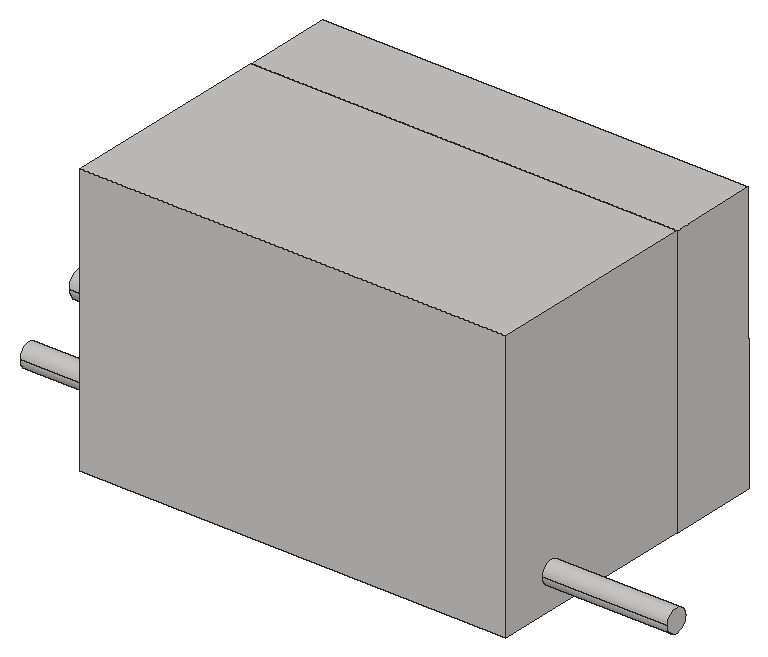
Revit family "Changeover_Box-VRF-JCI-208_230V", category Mechanical Equipment, Revit 2013
Parameters (values of type "COBS048B21S - 208V /1PH 60Hz")
  Width = 0' - 11 27/32"  # constant formula
  Voltage = 208 V
  URL = "http://www.johnsoncontrols.com"
  Total Heating Capacity = 48000.0 Btu/h
  Total Cooling Capacity = 48000.0 Btu/h
  Show Electrical Box Front [instance] = no
  Show Electrical Box Back [instance] = not(Show Electrical Box Front)  # yes
  Show Clearance [instance] = no
  Refrigerant Used = "R410A"  # constant formula
  Product Page URL = "http://www.johnsoncontrols.com/content/us/en/products/building_efficiency/products-and-systems/integrated_hvac_systems/Industrial___Commercial_HVAC_Equipment/Variable_Refrigerant_Flow_Systems_.html"
  Product Documentation Link = "http://www.johnsoncontrols.com/content/dam/WWW/jci/be/integrated_hvac_systems/hvac_equipment/variable_refrigerant/Catalog%202015%20VRF%20catalog_012115_D_FNL.pdf"
  Power Factor = 1
  Net Weight = 15.00 lbf  # constant formula
  Model = "COBS048B21S"
  Minimum Circuit Ampacity = 0.1 A
  Manufacturer = "Johnson Controls Inc."  # constant formula
  Gas Low_High Line Radius = Gas High Pressure Connection Diameter / 2  # 0' - 0 5/16"
  Gas Low Pressure Connection Diameter = 0' 0 3/4"  # 3/4"
  Gas Low Line Radius = Gas Low Pressure Connection Diameter / 2  # 0' - 0 3/8"
  Height = 0' - 7 17/32"  # constant formula
  Gas Line Radius = Gas Connection Diameter / 2  # 0' - 0 5/16"
  Gas High Pressure Connection Diameter = 0' 0 5/8"  # 5/8"
  Gas Connection Diameter = 5/8"
  Full Load Amps = 0 A
  Frequency = 60 Hz  # constant formula
  Frame Finish = Metal - JCI - Steel - Galvanized - 18ga
  Description = "Cooling/Heating Changover Box"  # constant formula
  Depth = 0' - 8 7/16"  # constant formula
  Copyright © = "2015 Johnson Controls Inc."  # constant formula
  Clearance Offset Top [instance] = 0' - 2 3/4"
  Clearance Offset Right [instance] = 0' - 11 13/16"
  Clearance Offset Left [instance] = 0' - 11 13/16"
  Clearance Offset Front [instance] = if(Show Electrical Box Front, 0' 11 13/16", 0' 2 3/4")  # 0' - 2 3/4"
  Clearance Offset Bottom [instance] = 0' - 2 3/4"
  Clearance Offset Back [instance] = if(Show Electrical Box Back, 0' 11 13/16", 0' 2 3/4")  # 0' - 11 13/16"
  CTRL Refrigerant Pipe Length [instance] = 0' - 3 1/2"
  CTRL Electrical Box Inset [instance] = if(Show Electrical Box Front, Depth, 0' 2 15/32")  # 0' - 2 15/32"
  CTRL Box Inset [instance] = if(Show Electrical Box Back, Depth, 0' 5 15/16")  # 0' - 8 7/16"
  Apparent Load = 0 VA
Types (5): name | Voltage | Total Heating Capacity | Total Cooling Capacity | Model | Gas Line Radius | Gas Connection Diameter | Clearance Offset Right | Clearance Offset Left
  (no name) | 208 V | 48000.0 Btu/h | 48000.0 Btu/h | "COBS048B21S" | 0' - 0 5/16" | 5/8" | 0' - 11 13/16" | 0' - 11 13/16"
  COBS048B21S - 208V /1PH 60Hz | 208 V | 48000.0 Btu/h | 48000.0 Btu/h | "COBS048B21S" | 0' - 0 5/16" | 5/8" | 0' - 11 13/16" | 0' - 11 13/16"
  COBS048B21S - 230V /1PH 60Hz | 230 V | 48000.0 Btu/h | 48000.0 Btu/h | "COBS048B21S" | 0' - 0 5/16" | 5/8" | 0' - 11 13/16" | 0' - 11 13/16"
  COBS096B21S - 208V /1PH 60Hz | 208 V | 96000.0 Btu/h | 96000.0 Btu/h | "COBS096B21S" | 0' - 0 3/8" | 3/4" | 1' - 3 3/4" | 1' - 3 3/4"
  COBS096B21S - 230V /1PH 60Hz | 230 V | 96000.0 Btu/h | 96000.0 Btu/h | "COBS096B21S" | 0' - 0 3/8" | 3/4" | 1' - 3 3/4" | 1' - 3 3/4"
Reference planes (in)
  plane 1 "Center (Front/Back)": y = 0
  plane 2: z = 0
  plane 3 "Center (Left/Right)": x = 0
  plane 4 "Back": y = 4.21875
  plane 5 "Front": y = -4.21875
  plane 6 "Left": x = -5.92187
  plane 7 "Right": x = 5.92188
  plane 8 "Bottom": z = 25.64456
  plane 9 "Top": z = 33.17581
  plane 10 "Clearance Offset Back": y = 16.03125
  plane 11 "Clearance Offset Front": y = -6.96875
  plane 12 "Clearance Offset Right": x = 17.73438
  plane 13 "Clearance Offset Left": x = -17.73437
  plane 14 "Clearance Offset Top": z = 35.92581
  plane 15 "Clearance Offset Bottom": z = 22.89456
  plane 16 "Electric Box Back": y = 4.21875
  plane 17 "Electric Box Front": y = 1.75
  plane 18 "Box Back": y = 1.71875
  plane 19 "Box Front": y = -4.21875
  plane 20 "Refrigerant Conncetion F/B": y = -2.65625
  plane 21 "Gas High/Low Pressure F/B": y = -1.96875
  plane 22 "Gas Low Pressure F/B": y = 0.15625
  plane 23 "Gas High/Low Pressure L": x = -9.14062
  plane 24 "Gas Low Pressure L": x = -9.42187
  plane 25 "Refrigerant Right": x = 9.42188
  plane 26 "Gas High/Low Pressure T/B": z = 26.42581
  plane 27 "Gas Low Pressure T/B": z = 27.17581
  plane 28: z = 28.89456
  plane 29 "Refrigerant Connection": z = 26.61331
Forms (in)
  Extrusion 1, solid, material "Clearance", visible <- "Show Clearance"
    sketch origin (0.66404, -0.08612, 0) x (-1, 0, 0) y (0, -1, 0)
      loop
        line (18.39842, -16.11737) -> (18.39842, 6.88263) -> (-17.07033, 6.88263) -> (-17.07033, -16.11737) -> (18.39842, -16.11737)
    from 22.89456 to 35.92581
  Extrusion 2, solid, material "Metal - JCI - Steel - Galvanized - 18ga" <- "Frame Finish"
    sketch origin (0, 0, 0) x (1, 0, 0) y (0, 0, 1)
      loop
        line (-5.92188, 33.17581) -> (-5.92188, 25.64456) -> (5.92188, 25.64456) -> (5.92188, 33.17581) -> (-5.92188, 33.17581)
    from -1.71875 to 4.21875
  Extrusion 3, solid, material "Metal - JCI - Steel - Galvanized - 18ga" <- "Frame Finish"
    sketch origin (2.25, 0, 0) x (1, 0, 0) y (0, 0, 1)
      loop
        line (-8.17188, 33.17581) -> (-8.17188, 25.64456) -> (3.67188, 25.64456) -> (3.67188, 33.17581) -> (-8.17188, 33.17581)
    from -4.21875 to -1.75
  Sweep 4, solid, material "Metal - JCI - Steel - Galvanized - 18ga" <- "Frame Finish"
    path origin (0, 0, 26.61331) x (-1, 0, 0) y (0, -1, 0)
      loop
        line (-5.92188, 2.65625) -> (-9.42188, 2.65625)
    profile origin (7.67188, -2.65625, 26.61331) x (0, 1, 0) y (0, 0, 1)
      loop
        circle (0, 0) r 0.3125
  Sweep 5, solid, material "Metal - JCI - Steel - Galvanized - 18ga" <- "Frame Finish"
    path origin (0, 0, 26.42581) x (-1, 0, 0) y (0, -1, 0)
      loop
        line (5.92188, 1.96875) -> (9.14063, 1.96875)
    profile origin (-7.53125, -1.96875, 26.42581) x (0, -1, 0) y (0, 0, 1)
      loop
        circle (0, 0) r 0.3125
  Sweep 6, solid, material "Metal - JCI - Steel - Galvanized - 18ga" <- "Frame Finish"
    path origin (0, 0, 27.17581) x (-1, 0, 0) y (0, -1, 0)
      loop
        line (5.92188, -0.15625) -> (9.42188, -0.15625)
    profile origin (-7.67187, 0.15625, 27.17581) x (0, -1, 0) y (0, 0, 1)
      loop
        circle (0, 0) r 0.375
Lines and regions (in)
  Masking region 1
    outline origin (0, 0, 26.61331) x (-1, 0, 0) y (0, -1, 0)
      loop
        line (5.92188, -1.71875) -> (5.92188, 4.21875) -> (-5.92188, 4.21875) -> (-5.92188, -1.71875) -> (5.92188, -1.71875)
  Masking region 2
    outline origin (0.25, -2.25, 26.61331) x (-1, 0, 0) y (0, -1, 0)
      loop
        line (6.17188, -6.46875) -> (6.17188, -4) -> (-5.67188, -4) -> (-5.67188, -6.46875) -> (6.17188, -6.46875)
  Masking region 3
    outline origin (2.25, 0.5, 26.61331) x (-1, 0, 0) y (0, -1, 0)
      loop
        line (-3.67188, 2.84375) -> (-3.67188, 3.46875) -> (-7.17188, 3.46875) -> (-7.17188, 2.84375) -> (-3.67188, 2.84375)
  model lines
    curve 1: line (5.92188, -2.65625, 26.61331) -> (9.42188, -2.65625, 26.61331)
  model lines, style "Clearance", visible <- "Show Clearance"
    curve 2: line (17.73437, -6.96875, 35.92581) -> (-17.73437, -6.96875, 35.92581)
    curve 3: line (-17.73437, -6.96875, 35.92581) -> (-17.73437, -6.96875, 22.89456)
    curve 4: line (-17.73437, -6.96875, 22.89456) -> (17.73437, -6.96875, 22.89456)
    curve 5: line (17.73437, -6.96875, 22.89456) -> (17.73437, -6.96875, 35.92581)
    curve 6: line (-17.73437, 16.03125, 35.92581) -> (17.73437, 16.03125, 35.92581)
    curve 7: line (17.73437, 16.03125, 35.92581) -> (17.73437, 16.03125, 22.89456)
    curve 8: line (17.73437, 16.03125, 22.89456) -> (-17.73437, 16.03125, 22.89456)
    curve 9: line (-17.73437, 16.03125, 22.89456) -> (-17.73437, 16.03125, 35.92581)
    curve 10: line (-17.73437, -6.96875, 35.92581) -> (-17.73437, 16.03125, 35.92581)
    curve 11: line (-17.73437, 16.03125, 22.89456) -> (-17.73437, -6.96875, 22.89456)
    curve 12: line (17.73438, 16.03125, 35.92581) -> (17.73438, -6.96875, 35.92581)
    curve 13: line (17.73438, -6.96875, 22.89456) -> (17.73438, 16.03125, 22.89456)
Dimensions and locks (in)
  "Width": plane 6 "Left" to plane 7 "Right"
  "Depth": plane 4 "Back" to plane 5 "Front"
  "Height": plane 9 "Top" to plane 8 "Bottom"
  "Clearance Offset Bottom": plane 8 "Bottom" to plane 15 "Clearance Offset Bottom"
  "Clearance Offset Back": plane 10 "Clearance Offset Back" to plane 4 "Back"
  "Clearance Offset Front": plane 11 "Clearance Offset Front" to plane 5 "Front"
  "Clearance Offset Left": plane 13 "Clearance Offset Left" to plane 6 "Left"
  "Clearance Offset Right": plane 7 "Right" to plane 12 "Clearance Offset Right"
  "Clearance Offset Top": plane 14 "Clearance Offset Top" to plane 9 "Top"
  equal spacing: plane 5 "Front", plane 1 "Center (Front/Back)", plane 4 "Back"
  equal spacing: plane 6 "Left", plane 3 "Center (Left/Right)", plane 7 "Right"
  locked: plane 17 "Electric Box Front" to plane 16 "Electric Box Back" at 2.46875
  "CTRL Electrical Box Inset": plane 17 "Electric Box Front" to plane 4 "Back"
  locked: plane 19 "Box Front" to plane 18 "Box Back" at 5.9375
  "CTRL Box Inset": plane 19 "Box Front" to plane 4 "Back"
  locked: plane 22 "Gas Low Pressure F/B" to plane 18 "Box Back" at 1.5625
  locked: plane 20 "Refrigerant Conncetion F/B" to plane 18 "Box Back" at 4.375
  locked: plane 23 "Gas High/Low Pressure L" to plane 6 "Left" at 3.21875
  locked: plane 24 "Gas Low Pressure L" to plane 6 "Left" at 3.5
  "CTRL Refrigerant Pipe Length": plane 7 "Right" to plane 25 "Refrigerant Right"
  locked: plane 26 "Gas High/Low Pressure T/B" to plane 8 "Bottom" at 0.78125
  locked: plane 27 "Gas Low Pressure T/B" to plane 8 "Bottom" at 1.53125
  locked: plane 29 "Refrigerant Connection" to plane 8 "Bottom" at 0.96875
  locked: plane 21 "Gas High/Low Pressure F/B" to plane 22 "Gas Low Pressure F/B" at 2.125
  "Gas Line Radius": radius of Sweep 4 sketch curve
  "Gas Low_High Line Radius": radius of Sweep 5 sketch curve
  "Gas Low Line Radius": radius of Sweep 6 sketch curve
  aligned and locked: level to plane 2
  aligned and locked: plane 13 "Clearance Offset Left" to Extrusion 1
  aligned and locked: plane 12 "Clearance Offset Right" to Extrusion 1
  aligned and locked: Extrusion 1 to plane 11 "Clearance Offset Front"
  aligned and locked: plane 10 "Clearance Offset Back" to Extrusion 1
  aligned and locked: plane 14 "Clearance Offset Top" to Extrusion 1
  aligned and locked: Extrusion 1 to plane 15 "Clearance Offset Bottom"
  aligned and locked: Extrusion 2 sketch curve to plane 9 "Top"
  aligned and locked: Extrusion 2 sketch curve to plane 7 "Right"
  aligned and locked: plane 8 "Bottom" to Extrusion 2 sketch curve
  aligned and locked: Extrusion 2 sketch curve to plane 6 "Left"
  aligned and locked: Extrusion 2 to plane 18 "Box Back"
  aligned and locked: plane 19 "Box Front" to Extrusion 2
  aligned and locked: plane 17 "Electric Box Front" to Extrusion 3
  aligned and locked: Extrusion 3 to plane 16 "Electric Box Back"
  aligned and locked: Extrusion 3 sketch curve to plane 6 "Left"
  aligned and locked: Extrusion 3 sketch curve to plane 7 "Right"
  aligned and locked: Extrusion 3 sketch curve to plane 9 "Top"
  aligned and locked: plane 8 "Bottom" to Extrusion 3 sketch curve
  aligned and locked: plane 7 "Right" to Sweep 4 sketch curve
  aligned and locked: plane 25 "Refrigerant Right" to Sweep 4 sketch curve
  aligned and locked: plane 20 "Refrigerant Conncetion F/B" to Sweep 4 sketch curve  (x2)
  aligned and locked: plane 29 "Refrigerant Connection" to Sweep 4 sketch curve
  aligned and locked: Sweep 5 sketch curve to plane 21 "Gas High/Low Pressure F/B"
  aligned and locked: plane 23 "Gas High/Low Pressure L" to Sweep 5 sketch curve
  aligned and locked: plane 6 "Left" to Sweep 5 sketch curve
  aligned and locked: plane 26 "Gas High/Low Pressure T/B" to Sweep 5 sketch curve
  aligned and locked: plane 21 "Gas High/Low Pressure F/B" to Sweep 5 sketch curve
  aligned and locked: plane 6 "Left" to Sweep 6 sketch curve
  aligned and locked: plane 24 "Gas Low Pressure L" to Sweep 6 sketch curve
  aligned and locked: Sweep 6 sketch curve to plane 22 "Gas Low Pressure F/B"
  aligned and locked: plane 27 "Gas Low Pressure T/B" to Sweep 6 sketch curve
  aligned and locked: plane 22 "Gas Low Pressure F/B" to Sweep 6 sketch curve
  aligned and locked: plane 18 "Box Back" to Masking region 1 sketch curve
  aligned and locked: Masking region 1 sketch curve to plane 7 "Right"
  aligned and locked: Masking region 1 sketch curve to plane 6 "Left"
  aligned and locked: Masking region 1 sketch curve to plane 19 "Box Front"
  aligned and locked: Masking region 2 sketch curve to plane 17 "Electric Box Front"
  aligned and locked: Masking region 2 sketch curve to plane 6 "Left"
  aligned and locked: Masking region 2 sketch curve to plane 7 "Right"
  aligned and locked: plane 16 "Electric Box Back" to Masking region 2 sketch curve
  aligned and locked: Masking region 3 sketch curve to plane 25 "Refrigerant Right"
  aligned and locked: plane 7 "Right" to Masking region 3 sketch curve
  aligned and locked: Masking region 3 sketch curve to Sweep 4  (x2)
  aligned and locked: curve 2 to Extrusion 1
  aligned and locked: curve 3 to Extrusion 1
  aligned and locked: curve 4 to Extrusion 1
  aligned and locked: curve 5 to Extrusion 1
  aligned and locked: curve 6 to Extrusion 1
  aligned and locked: curve 7 to Extrusion 1
  aligned and locked: curve 8 to Extrusion 1
  aligned and locked: curve 9 to Extrusion 1
  aligned and locked: curve 10 to Extrusion 1
  aligned and locked: curve 11 to Extrusion 1
  aligned and locked: curve 12 to Extrusion 1
  aligned and locked: curve 13 to Extrusion 1
Automatic sketch dimensions
  Extrusion 1 sketch curve to plane 10 "Clearance Offset Back" = 0' - 0"
  Extrusion 1 sketch curve to plane 12 "Clearance Offset Right" = 0' - 0"
  Extrusion 1 sketch curve to plane 11 "Clearance Offset Front" = 0' - 0"
  Extrusion 1 sketch curve to plane 13 "Clearance Offset Left" = 0' - 0"
  plane 20 "Refrigerant Conncetion F/B" to curve 1 = 0' - 0"
  curve 1 to plane 25 "Refrigerant Right" = 0' - 0"
  curve 1 to plane 7 "Right" = 0' - 0"
  curve 10 to plane 10 "Clearance Offset Back" = 0' - 0"
  curve 10 to plane 11 "Clearance Offset Front" = 0' - 0"
  curve 11 to plane 10 "Clearance Offset Back" = 0' - 0"
  curve 11 to plane 11 "Clearance Offset Front" = 0' - 0"
  curve 12 to plane 10 "Clearance Offset Back" = 0' - 0"
  curve 12 to plane 11 "Clearance Offset Front" = 0' - 0"
  curve 13 to plane 10 "Clearance Offset Back" = 0' - 0"
  curve 13 to plane 11 "Clearance Offset Front" = 0' - 0"
Connectors (in)
  electrical at (0, 2.98437, 25.64456), driven by "Voltage", driven by "Apparent Load", driven by "Power Factor"
    settings: on Extrusion 3, index 1, voltage 208 V, apparent load 0 VA, apparent load phase1 0 VA, apparent load phase2 0 VA, apparent load phase3 0 VA, power factor 1, load classification "HVAC", number of poles 1, system type 30, power factor state 1, is connector primary yes, connector utility no, sub classification motor no, connector description "Power Supply Connection"
  piping at (9.42188, -2.65625, 26.61331), driven by "Gas Line Radius"
    settings: on Sweep 4, index 2, connector radius 5/16", flow factor 0, pipe flow 0 GPM, pressure drop 0.00 psi, fitting loss kfactor 0, connector angle 0.00°, fixture units 0, engagement length 0' - 0", flow configuration 0, flow direction 0, fitting loss method 0, system type 29, joint type 0, gender type 0, connector reference index -1, connector utility 0, adjustable connector no, is connector primary yes, fitting loss table "", connector description "Gass Connection"
  piping at (-9.42187, 0.15625, 27.17581), driven by "Gas Low Line Radius"
    settings: on Sweep 6, index 3, connector radius 3/8", flow factor 0, pipe flow 0 GPM, pressure drop 0.00 psi, fitting loss kfactor 0, connector angle 0.00°, fixture units 0, engagement length 0' - 0", flow configuration 0, flow direction 0, fitting loss method 0, system type 29, joint type 0, gender type 0, connector reference index -1, connector utility 0, adjustable connector no, is connector primary no, fitting loss table "", connector description "Gas Low Connection"
  piping at (-9.14062, -1.96875, 26.42581), driven by "Gas Low_High Line Radius"
    settings: on Sweep 5, index 4, connector radius 5/16", flow factor 0, pipe flow 0 GPM, pressure drop 0.00 psi, fitting loss kfactor 0, connector angle 0.00°, fixture units 0, engagement length 0' - 0", flow configuration 0, flow direction 0, fitting loss method 0, system type 29, joint type 0, gender type 0, connector reference index -1, connector utility 0, adjustable connector no, is connector primary no, fitting loss table "", connector description "Gass High/Low Connection"
